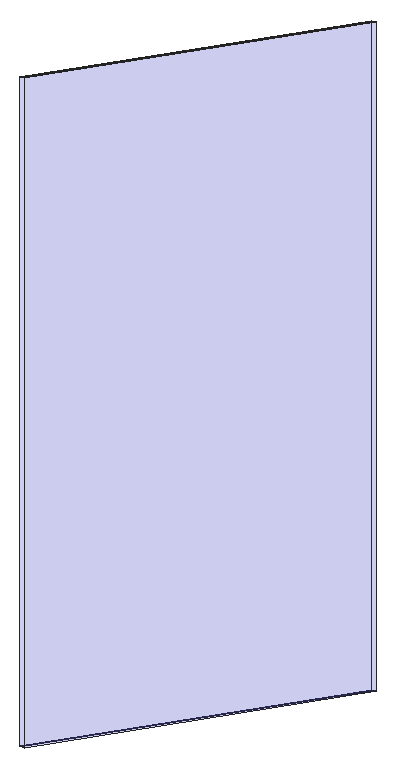
Revit family
Parameters (values of type "600mm(25mm 측면 간격)")
  built-in parameter 1008623 [instance] = (empty or 0)
  두께 [instance] = 6 mm
  built-in parameter 1008625 [instance] = 18.00°
  Post = no
  패널 상단 간격 = 0 mm
  패널 재료 = 유리
  폭 [instance] = 600 mm
  패널 측면 간격 = 25 mm
  패널 하단 간격 = 0 mm
  built-in parameter 1008624 [instance] = (empty or 0)
  built-in parameter 1008622 [instance] = 750 mm
Types (4, lengths in mm): name | 패널 상단 간격 | 폭 | 패널 측면 간격 | 패널 하단 간격
  (no name) | 0 | 600 | 25 | 0
  600mm(25mm 측면 간격) | 0 | 600 | 25 | 0
  450mm(25mm 측면 간격) | 0 | 450 | 25 | 0
  600mm(25mm 상단 및 하단 간격) | 25 | 600 | 0 | 25
Reference planes
  plane 1 "중심(앞/뒤)": y = 0
  plane 2: z = 0
  plane 3 "중심(왼쪽/오른쪽)": x = 3.175
  plane 4 "상단": z = 750
  plane 5 "경사 각도(상단)": through (0, 220.419, 678.381) normal (0, -0.309, -0.9511)
  plane 6 "경사 각도(하단)": through (0, 0, 0) normal (0, -0.309, -0.9511)
  plane 7 "앞면": y = 300
  plane 8 "뒤로": y = -300
  plane 9: x = 0.175
  plane 10: x = 6.175
Forms (mm)
  Extrusion 1, solid, material "유리" <- "패널 재료"
    sketch origin (3.175, 0, 0) x (0, 1, 0) y (0, 0, 1)
      loop
        line (275, -89.353) -> (275, 660.647) -> (-275, 839.353) -> (-275, 89.353) -> (275, -89.353)
    from -3 to 3
Lines and regions (mm)
  model lines, style "InvisibleLines"
    curve 1: line (3.175, 300, 652.524) -> (3.175, -300, 847.476)
    curve 2: line (3.175, 300, -97.476) -> (3.175, -300, 97.476)
    curve 3: line (3.175, 275, -89.353) -> (3.175, 275, 660.647)
    curve 4: line (3.175, -275, 89.353) -> (3.175, -275, 839.353)
Text (mm)
  text "난간동자 패널 입면도" at (0, 1279.138, 1234.25), in view "왼쪽"
Dimensions and locks
  "built-in parameter 1008622": plane 2 to plane 4 "상단"
  "폭": plane 8 "뒤로" to plane 7 "앞면"
  equal spacing: plane 8 "뒤로", plane 1 "중심(앞/뒤)", plane 7 "앞면"
  "두께": plane 9 to plane 10
  equal spacing: plane 9, plane 3 "중심(왼쪽/오른쪽)", plane 10
  "패널 상단 간격": curve 1 to plane 5 "경사 각도(상단)"  (x2)
  "패널 하단 간격": plane 6 "경사 각도(하단)" to curve 2  (x2)
  "패널 측면 간격": plane 7 "앞면" to curve 3  (x2)
  "패널 측면 간격": curve 4 to plane 8 "뒤로"  (x2)
  "built-in parameter 1008625": angle plane 4 "상단" to plane 5 "경사 각도(상단)"
  "built-in parameter 1008625": angle level to plane 6 "경사 각도(하단)"
  aligned and locked: plane 9 to Extrusion 1
  aligned and locked: Extrusion 1 to plane 10
  aligned and locked: plane 8 "뒤로" to curve 2
  aligned and locked: plane 7 "앞면" to curve 2
  aligned and locked: plane 5 "경사 각도(상단)" to curve 4
  aligned and locked: plane 6 "경사 각도(하단)" to curve 4
  aligned and locked: plane 5 "경사 각도(상단)" to curve 3
  aligned and locked: plane 6 "경사 각도(하단)" to curve 3
  aligned and locked: curve 1 to Extrusion 1 sketch curve
  aligned and locked: Extrusion 1 sketch curve to curve 2
  aligned and locked: Extrusion 1 sketch curve to curve 4
  aligned and locked: curve 3 to Extrusion 1 sketch curve
Automatic sketch dimensions
  curve 1 to plane 7 "앞면" = 0 mm
  curve 1 to plane 8 "뒤로" = 0 mm
